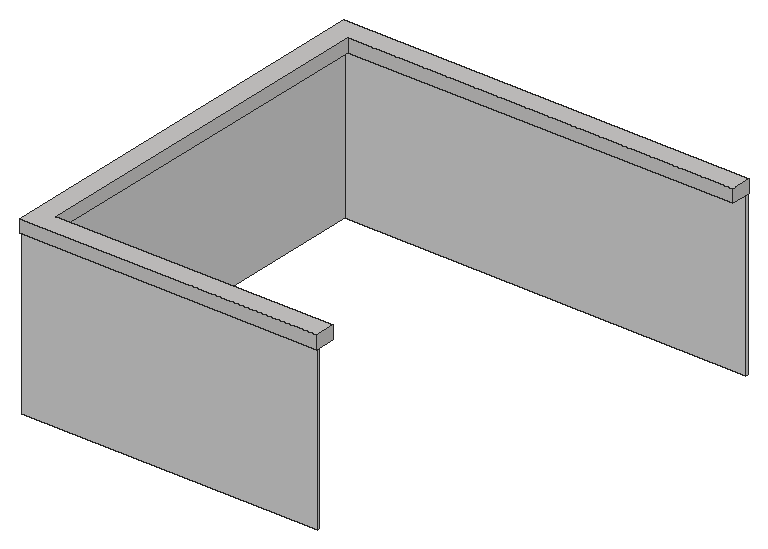
Revit family "Door-Systems_Fire-Smoke-Curtain_3-sides", category Specialty Equipment, Revit 2018
Family settings
  Round Connector Dimension = Use Diameter
  Part Type = Normal
  Work Plane-Based = No
  Always vertical = Yes
  Cut with Voids When Loaded = No
  Shared = No
  Room Calculation Point = No
Parameters
  URL = "www.doorsysinc.com"
  Manufacturer Info [instance] = "https://www.arcat.com/arcatcos/cos50/arc50183.html"  # constant formula
  Manufacturer = "DSI Smoke and FIre Curtains"
  Description = "UL10D Fire Curtain"
  Curtain_Width [instance] = 30' - 0"
  Curtain_Length_Top_Leg [instance] = 30' - 0"
  Curtain_Length_Bottom_Leg [instance] = 22' - 0"
  Curtain_Height [instance] = 12' - 0"
Reference planes (in)
  plane 1 "Center (Front/Back)": y = 0
  plane 2: z = 0
  plane 3 "Center (Left/Right)": x = 0
  plane 4: z = 144
  plane 5: y = 360
  plane 6: x = 360
  plane 7: x = 264
Dimensions and locks (in)
  "Curtain_Height": plane 4 to level
  "Curtain_Length_Top_Leg": plane 3 "Center (Left/Right)" to plane 6
  "Curtain_Width": plane 1 "Center (Front/Back)" to plane 5
  nested 1 to plane 4 = 0' - 11 3/4"
  "Curtain_Length_Bottom_Leg": plane 3 "Center (Left/Right)" to plane 7
  aligned and locked: level to plane 2
  aligned and locked: nested 1 to plane 4
  aligned and locked: plane 5 to nested 1
  aligned and locked: nested 2 to plane 7
  aligned and locked: nested 2 to plane 6
  aligned and locked: nested 1 to plane 6
  aligned and locked: plane 7 to nested 1
Nested families (in)
  nested 1: "Head_System_3-sides" at (0, 0, 144), type "Head_System_3-sides"
    with Head_Width 30' - 0", Head_Length_Top_Leg 30' - 0", Head_Length_Bottom_Leg 22' - 0"
  nested 2: "Curtain_System_3-sides" at (0, 0, 0), Curtain_Height <- "Curtain_Height", Curtain_Length_Top_Leg <- "Curtain_Length_Top_Leg", Curtain_Width <- "Curtain_Width", type "Curtain_System_3-sides"
    with Curtain_Width 30' - 0", Curtain_Length_Top_Leg 30' - 0", Curtain_Length_Bottom_Leg 22' - 0", Curtain_Height 12' - 0"
Definition of nested family "Head_System_3-sides"
  Parameters (values of type "Head_System_3-sides")
    Head_Width [instance] = 20' - 0"
    Head_Track_Width = 1' - 5 3/4"
    Head_Length_Top_Leg [instance] = 20' - 0"
    Head_Length_Bottom_Leg [instance] = 22' - 0"
  Reference planes (in)
    plane 1 "Center (Front/Back)": y = 0
    plane 2: z = 0
    plane 3 "Center (Left/Right)": x = 0
    plane 4: x = 240
    plane 5: y = 240
    plane 6: x = 17.75
    plane 7: y = 222.25
    plane 8: x = 222.25
    plane 9: y = 17.75
    plane 10: z = 11.75
    plane 11: x = 264
  Forms (in)
    Extrusion 1, solid
      sketch origin (0, 0, 0) x (1, 0, 0) y (0, 1, 0)
        loop
          line (0, 240) -> (0, 0) -> (264, 0) -> (264, 17.75) -> (17.75, 17.75) -> (17.75, 222.25) -> (240, 222.25) -> (240, 240) -> (0, 240)
      from 0 to 11.75
  Dimensions and locks (in)
    "Head_Length_Top_Leg": plane 3 "Center (Left/Right)" to plane 4
    "Head_Width": plane 1 "Center (Front/Back)" to plane 5
    "Head_Track_Width": plane 3 "Center (Left/Right)" to plane 6
    "Head_Track_Width": plane 8 to plane 4
    "Head_Track_Width": plane 7 to plane 5
    "Head_Track_Width": plane 1 "Center (Front/Back)" to plane 9
    "Head_Length_Bottom_Leg": plane 3 "Center (Left/Right)" to plane 11
    aligned and locked: plane 2 to level
    aligned and locked: plane 5 to Extrusion 1 sketch curve
    aligned and locked: plane 3 "Center (Left/Right)" to Extrusion 1 sketch curve
    aligned and locked: Extrusion 1 sketch curve to plane 1 "Center (Front/Back)"
    aligned and locked: Extrusion 1 sketch curve to plane 4
    aligned and locked: plane 7 to Extrusion 1 sketch curve
    aligned and locked: plane 6 to Extrusion 1 sketch curve
    aligned and locked: Extrusion 1 sketch curve to plane 9
    aligned and locked: Extrusion 1 to plane 10
    aligned and locked: plane 11 to Extrusion 1
    aligned and locked: plane 4 to Extrusion 1
  Automatic sketch dimensions
    plane 4 to Extrusion 1 sketch curve = 2' - 0"
Definition of nested family "Curtain_System_3-sides"
  Parameters (values of type "Curtain_System_3-sides")
    Curtain_Width [instance] = 24' - 0"
    Curtain_Track_Width = 0' - 11"
    Curtain_Length_Bottom_Leg [instance] = 22' - 0"
    Curtain_Length_Top_Leg [instance] = 20' - 0"
    Curtain_Height [instance] = 12' - 0"
  Reference planes (in)
    plane 1 "Center (Front/Back)": y = 0
    plane 2: z = 0
    plane 3 "Center (Left/Right)": x = 0
    plane 4: x = 240
    plane 5: z = 144
    plane 6: y = 287.25
    plane 7: x = 0.75
    plane 8: y = 0.75
    plane 9: x = 2.4375
    plane 10: y = 2.4375
    plane 11: x = 264
    plane 12: y = 288
  Forms (in)
    Extrusion 1, solid
      sketch origin (0, 0, 0) x (1, 0, 0) y (0, 1, 0)
        loop
          line (0.75, 287.25) -> (0.75, 0.75) -> (264, 0.75) -> (264, 2.4375) -> (2.4375, 2.4375) -> (2.4375, 285.5625) -> (240, 285.5625) -> (240, 287.25) -> (0.75, 287.25)
      from 0 to 144
  Dimensions and locks (in)
    "Curtain_Length_Top_Leg": plane 3 "Center (Left/Right)" to plane 4
    "Curtain_Height": plane 5 to level
    locked: Extrusion 1 sketch curve to Extrusion 1 sketch curve at 1.6875  (x3)
    "Curtain_Length_Bottom_Leg": plane 3 "Center (Left/Right)" to plane 11
    "Curtain_Width": plane 1 "Center (Front/Back)" to plane 12
    locked: plane 6 to plane 12 at 0.75
    locked: plane 12 to Extrusion 1 at 0.75
    aligned and locked: plane 2 to level
    aligned and locked: Extrusion 1 to plane 5
    aligned and locked: Extrusion 1 sketch curve to plane 4
    aligned and locked: Extrusion 1 to plane 11
  Automatic sketch dimensions
    Extrusion 1 sketch curve to plane 1 "Center (Front/Back)" = 0' - 2 7/16"
    plane 4 to Extrusion 1 sketch curve = 2' - 0"
    Extrusion 1 sketch curve to plane 7 = 0' - 0"
    plane 6 to Extrusion 1 sketch curve = 0' - 0"
